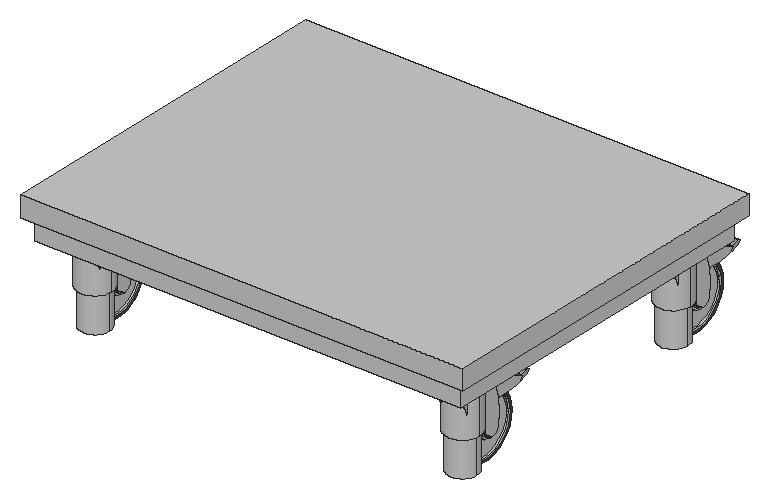
Revit family "QF_BOURGEAT_Self_base_presentoir_simple_h240", category Equipement spécialisé, Revit 2015
Parameters
  roues = yes
  pieds = yes
  URL catalogue = "http://www.bourgeat.fr"
  Type article = ""
  Spécification du Fabricant = "OASIS"
  Profondeur hors tout = 690 mm
  Modèle = "854081"
  Longueur hors tout = 855 mm
  Hauteur hors tout = 240 mm
  Fabricant = "BOURGEAT"
  Contact SAV = "0033(0)4.76.32.14.44"
Reference planes
  plane 1 "Centre (avant/arrière)": y = 0
  plane 2: z = 0
  plane 3 "Centre (gauche/droite)": x = 0
  plane 4: y = 345
  plane 5: y = -345
  plane 6: x = 427.5
  plane 7: x = -427.5
  plane 8: x = -411.5
  plane 9: y = -329
  plane 10: x = 411.5
  plane 11: y = 329
  plane 12: z = 160
  plane 13: z = 201
  plane 14: z = 240
  plane 15: x = -355.2
  plane 16: x = 355.2
  plane 17: y = 255
  plane 18: y = -255
Forms (mm)
  Extrusion 1, solid, material "Acier inoxydable, brossé"
    sketch origin (0, 0, 0) x (1, 0, 0) y (0, 1, 0)
      loop
        line (-427.5, 345) -> (-427.5, -345) -> (427.5, -345) -> (427.5, 345) -> (-427.5, 345)
    from 201 to 240
  Extrusion 2, solid, material "Acier inoxydable, brossé"
    sketch origin (0, 0, 0) x (1, 0, 0) y (0, 1, 0)
      loop
        line (-411.5, 329) -> (-411.5, -329) -> (411.5, -329) -> (411.5, 329) -> (-411.5, 329)
    from 160 to 201
Dimensions and locks
  plane 17 to plane 18 = 510 mm
  aligned and locked: level to plane 2
  aligned and locked: Extrusion 1 sketch curve to plane 4
  aligned and locked: Extrusion 1 sketch curve to plane 7
  aligned and locked: Extrusion 1 sketch curve to plane 5
  aligned and locked: Extrusion 1 sketch curve to plane 6
  aligned and locked: plane 14 to Extrusion 1
  aligned and locked: Extrusion 1 to plane 13
  aligned and locked: Extrusion 2 sketch curve to plane 11
  aligned and locked: plane 8 to Extrusion 2 sketch curve
  aligned and locked: plane 9 to Extrusion 2 sketch curve
  aligned and locked: Extrusion 2 sketch curve to plane 10
  aligned and locked: Extrusion 2 to Extrusion 1
  aligned and locked: Extrusion 2 to plane 12
  aligned and locked: nested 5 to plane 17
  aligned and locked: nested 8 to plane 17
  aligned and locked: nested 8 to plane 16
  aligned and locked: plane 15 to nested 5
  aligned and locked: nested 6 to plane 18
  aligned and locked: plane 15 to nested 6
  aligned and locked: nested 7 to plane 16
  aligned and locked: nested 7 to plane 18
Nested families
  nested 1: "pied" at (-355.2, 255, 0), visible <- "pieds", type "pied"
  nested 2: "pied" at (355.2, 255, 0), visible <- "pieds", type "pied"
  nested 3: "pied" at (355.2, -255, 0), visible <- "pieds", type "pied"
  nested 4: "pied" at (-355.2, -255, 0), visible <- "pieds", type "pied"
  nested 5: "roue_ht160" at (-355.2, 255, 0), visible <- "roues", type "roue_ht160"
    with Sans frein yes, Avec frein yes
  nested 6: "roue_ht160" at (-355.2, -255, 0), visible <- "roues", type "roue_ht160"
    with Sans frein yes, Avec frein yes
  nested 7: "roue_ht160" at (355.2, -255, 0), visible <- "roues", type "roue_ht160"
    with Sans frein yes, Avec frein yes
  nested 8: "roue_ht160" at (355.2, 255, 0), visible <- "roues", type "roue_ht160"
    with Sans frein yes, Avec frein yes
Definition of nested family "pied"
  Reference planes
    plane 1 "Centre (avant/arrière)": y = 0
    plane 2: z = 0
    plane 3 "Centre (gauche/droite)": x = 0
  Forms (mm)
    Revolve 1, solid
      sketch origin (0, 0, 0) x (1, 0, 0) y (0, 0, 1)
        loop
          line (0, 160) -> (-33, 160) -> (-33, 70) -> (-28, 70) -> (-28, 0) -> (0, 0) -> (0, 160)
        axis (0, 160) -> (0, 0)
      angle from 0 to 360
  Dimensions and locks
    plane 3 "Centre (gauche/droite)" to Revolve 1 sketch curve = 28 mm
    Revolve 1 sketch curve to plane 3 "Centre (gauche/droite)" = 33 mm
    Revolve 1 sketch curve to plane 2 = 70 mm
    Revolve 1 sketch curve to Revolve 1 sketch curve = 90 mm
    aligned and locked: level to plane 2
Definition of nested family "roue_ht160"
  Parameters (values of type "roue_ht160")
    Sans frein [instance] = yes
    Avec frein [instance] = yes
  Reference planes
    plane 1 "Centre (avant/arrière)": y = 0
    plane 2: z = 0
    plane 3 "Centre (gauche/droite)": x = 0
    plane 4: y = 40.851
    plane 5: z = 62.5
  Forms (mm)
    Extrusion 1, solid
      sketch origin (0, 0, 0) x (0, 1, 0) y (0, 0, 1)
        loop
          circle (40.851, 62.5) r 62.5
        loop
          circle (40.851, 62.5) r 57.5
      from -12.5 to 12.5
    Revolve 2, solid
      sketch origin (0, 0, 0) x (0, 1, 0) y (0, 0, 1)
        loop
          line (0, 160.21) -> (-20.149, 160.21) -> (-20.149, 159.41) -> (-21.6, 159.41)
          arc (-21.6, 159.41) -> (-24.448, 158.65) -> (-26.537, 156.572) r 5.712
          line (-26.537, 156.572) -> (-30.146, 147.743) -> (-26.999, 147.062) -> (-26.999, 146.112)
          arc (-26.999, 146.112) -> (-27.23, 145.314) -> (-27.849, 144.761) r 1.5
          arc (-27.849, 144.761) -> (-29.223, 143.633) -> (-29.923, 142) r 3.75
          line (-29.923, 142) -> (0, 142) -> (0, 160.21)
        axis (0, 160.21) -> (0, 142)
      angle from 0 to 360
    Extrusion 3, solid
      sketch origin (0, 0, 0) x (0, 1, 0) y (0, 0, -1)
        loop
          line (-29.974, -138.241) -> (-29.974, -142) -> (21.747, -142) -> (21.747, -60.336)
          arc (21.747, -60.336) -> (10.272, -70.702) -> (-0.149, -82.127) r 160.057
          arc (-0.149, -82.127) -> (-17.883, -108.684) -> (-29.974, -138.241) r 159.585
      from -24.913 to -23.038
    Extrusion 4, solid
      sketch origin (0, 0, 0) x (0, 1, 0) y (0, 0, 1)
        loop
          line (-29.974, 142) -> (-29.974, 140.869) -> (21.747, 140.869) -> (21.747, 142) -> (-29.974, 142)
      from -23.038 to 23.038
    Extrusion 5, solid
      sketch origin (0, 0, 0) x (0, 1, 0) y (0, 0, 1)
        loop
          circle (40.851, 62.5) r 57.5
        loop
          circle (40.851, 62.5) r 55
      from -12.5 to 12.5
    Extrusion 6, solid
      sketch origin (0, 0, 0) x (0, 1, 0) y (0, 0, 1)
        loop
          circle (40.851, 62.5) r 55
      from -7 to 7
    Extrusion 7, solid
      sketch origin (0, 0, 0) x (0, 1, 0) y (0, 0, 1)
        loop
          circle (40.851, 62.5) r 21
      from 7 to 15
    Extrusion 8, solid
      sketch origin (0, 0, 0) x (0, 1, 0) y (0, 0, -1)
        loop
          circle (40.851, -62.5) r 16
      from -23.038 to -15
    Extrusion 9, solid, visible <- "Sans frein"
      sketch origin (0, 0, 0) x (0, 1, 0) y (0, 0, 1)
        loop
          arc (21.747, 60.336) -> (23.188, 59.17) -> (24.642, 58.02) r 161.23
          arc (24.642, 58.02) -> (29.34, 54.513) -> (34.187, 51.216) r 133.333
          arc (34.187, 51.216) -> (46.517, 50.3) -> (53.927, 60.198) r 12.867
          arc (53.927, 60.198) -> (54.714, 99.183) -> (46.119, 137.216) r 161.222
          arc (46.119, 137.216) -> (45.679, 138.887) -> (45.531, 140.609) r 10.076
          line (45.531, 140.609) -> (45.531, 142) -> (21.747, 142) -> (21.747, 60.336)
      from 23.038 to 24.913
    Extrusion 10, solid, visible <- "Sans frein"
      sketch origin (0, 0, 0) x (0, 1, 0) y (0, 0, 1)
        loop
          line (21.747, 142) -> (21.747, 140.701) -> (48.851, 140.701) -> (48.851, 142) -> (21.747, 142)
      from -23.038 to 23.038
    Extrusion 11, solid, visible <- "Avec frein"
      sketch origin (0, 0, 0) x (0, 1, 0) y (0, 0, 1)
        loop
          line (21.747, 142) -> (21.747, 60.336)
          arc (21.747, 60.336) -> (23.177, 59.179) -> (24.62, 58.038) r 160.008
          arc (24.62, 58.038) -> (29.041, 54.705) -> (33.574, 51.527) r 160
          arc (33.574, 51.527) -> (46.135, 50.422) -> (53.724, 60.491) r 13
          arc (53.724, 60.491) -> (55.279, 82.092) -> (53.902, 103.704) r 160
          arc (53.902, 103.704) -> (55.53, 108.653) -> (60.415, 110.463) r 6
          arc (60.415, 110.463) -> (80.625, 109.924) -> (100.725, 112.107) r 150
          arc (100.725, 112.107) -> (104.408, 113.406) -> (107.479, 115.819) r 12
          line (107.479, 115.819) -> (110.851, 121.523)
          arc (110.851, 121.523) -> (85.913, 134.651) -> (58.706, 142) r 127.902
          line (58.706, 142) -> (21.747, 142)
      from 23.038 to 24.913
    Extrusion 12, solid, visible <- "Avec frein"
      sketch origin (0, 0, 0) x (0, 1, 0) y (0, 0, 1)
        loop
          line (58.706, 142) -> (21.747, 142) -> (21.747, 140) -> (58.552, 140)
          arc (58.552, 140) -> (85.253, 132.762) -> (109.73, 119.866) r 125.902
          line (109.73, 119.866) -> (110.851, 121.523)
          arc (110.851, 121.523) -> (85.913, 134.651) -> (58.706, 142) r 127.902
      from -23.038 to 23.038
    Extrusion 13, solid, visible <- "Avec frein"
      sketch origin (0, 19.896, 18.175) x (0, 1, 0) y (0, 0, 1)
        loop
          line (87.583, 97.644) -> (91.829, 95.227)
          arc (91.829, 95.227) -> (93.8, 95.006) -> (95.312, 96.29) r 2.5
          arc (95.312, 96.29) -> (103.495, 100.002) -> (111.176, 104.666) r 74.999
          line (111.176, 104.666) -> (110.852, 105.929)
          arc (110.852, 105.929) -> (110.04, 107.086) -> (108.666, 107.417) r 2
          arc (108.666, 107.417) -> (101.396, 105.849) -> (94.512, 103.034) r 42.354
          line (94.512, 103.034) -> (93.479, 101.228) -> (93.285, 100.414) -> (91.69, 101.675) -> (90.401, 102.412) -> (87.583, 97.644)
      from -23.038 to 23.038
    Extrusion 14, solid, not visible
      sketch origin (0, 0, 0) x (0, 1, 0) y (0, 0, -1)
        loop
          line (-29.974, -138.241) -> (-29.974, -142) -> (21.747, -142) -> (21.747, -60.336)
          arc (21.747, -60.336) -> (10.272, -70.702) -> (-0.149, -82.127) r 160.057
          arc (-0.149, -82.127) -> (-17.883, -108.684) -> (-29.974, -138.241) r 159.585
      from -24.913 to -23.038
    Extrusion 15, solid, not visible
      sketch origin (0, 0, 0) x (0, 1, 0) y (0, 0, 1)
        loop
          circle (40.851, 62.5) r 21
      from 7 to 15
    Extrusion 16, solid, not visible
      sketch origin (0, 0, 0) x (0, 1, 0) y (0, 0, -1)
        loop
          circle (40.851, -62.5) r 16
      from -23.038 to -15
    Extrusion 17, solid, visible <- "Sans frein", not visible
      sketch origin (0, 0, 0) x (0, 1, 0) y (0, 0, 1)
        loop
          arc (21.747, 60.336) -> (23.188, 59.17) -> (24.642, 58.02) r 161.23
          arc (24.642, 58.02) -> (29.34, 54.513) -> (34.187, 51.216) r 133.333
          arc (34.187, 51.216) -> (46.517, 50.3) -> (53.927, 60.198) r 12.867
          arc (53.927, 60.198) -> (54.714, 99.183) -> (46.119, 137.216) r 161.222
          arc (46.119, 137.216) -> (45.679, 138.887) -> (45.531, 140.609) r 10.076
          line (45.531, 140.609) -> (45.531, 142) -> (21.747, 142) -> (21.747, 60.336)
      from 23.038 to 24.913
    Extrusion 18, solid, visible <- "Avec frein", not visible
      sketch origin (0, 0, 0) x (0, 1, 0) y (0, 0, 1)
        loop
          line (21.747, 142) -> (21.747, 60.336)
          arc (21.747, 60.336) -> (23.177, 59.179) -> (24.62, 58.038) r 160.008
          arc (24.62, 58.038) -> (29.041, 54.705) -> (33.574, 51.527) r 160
          arc (33.574, 51.527) -> (46.135, 50.422) -> (53.724, 60.491) r 13
          arc (53.724, 60.491) -> (55.279, 82.092) -> (53.902, 103.704) r 160
          arc (53.902, 103.704) -> (55.53, 108.653) -> (60.415, 110.463) r 6
          arc (60.415, 110.463) -> (80.625, 109.924) -> (100.725, 112.107) r 150
          arc (100.725, 112.107) -> (104.408, 113.406) -> (107.479, 115.819) r 12
          line (107.479, 115.819) -> (110.851, 121.523)
          arc (110.851, 121.523) -> (85.913, 134.651) -> (58.706, 142) r 127.902
          line (58.706, 142) -> (21.747, 142)
      from 23.038 to 24.913
    Extrusion 19, solid
      sketch origin (0, 0, 0) x (0, -1, 0) y (0, 0, -1)
        loop
          arc (29.974, -138.241) -> (17.883, -108.684) -> (0.149, -82.127) r 159.585
          arc (0.149, -82.127) -> (-10.272, -70.702) -> (-21.747, -60.336) r 160.057
          line (-21.747, -60.336) -> (-21.747, -142) -> (29.974, -142) -> (29.974, -138.241)
      from -24.913 to -23.038
    Extrusion 20, solid
      sketch origin (0, 0, 0) x (0, -1, 0) y (0, 0, 1)
        loop
          circle (-40.851, 62.5) r 21
      from 7 to 15
    Extrusion 21, solid
      sketch origin (0, 0, 0) x (0, -1, 0) y (0, 0, -1)
        loop
          circle (-40.851, -62.5) r 16
      from -23.038 to -15
    Extrusion 22, solid, visible <- "Sans frein"
      sketch origin (0, 0, 0) x (0, -1, 0) y (0, 0, 1)
        loop
          line (-21.747, 60.336) -> (-21.747, 142) -> (-45.531, 142) -> (-45.531, 140.609)
          arc (-45.531, 140.609) -> (-45.679, 138.887) -> (-46.119, 137.216) r 10.076
          arc (-46.119, 137.216) -> (-54.714, 99.183) -> (-53.927, 60.198) r 161.222
          arc (-53.927, 60.198) -> (-46.517, 50.3) -> (-34.187, 51.216) r 12.867
          arc (-34.187, 51.216) -> (-29.34, 54.513) -> (-24.642, 58.02) r 133.333
          arc (-24.642, 58.02) -> (-23.188, 59.17) -> (-21.747, 60.336) r 161.23
      from 23.038 to 24.913
    Extrusion 23, solid, visible <- "Avec frein"
      sketch origin (0, 0, 0) x (0, -1, 0) y (0, 0, 1)
        loop
          line (-21.747, 142) -> (-58.706, 142)
          arc (-58.706, 142) -> (-85.913, 134.651) -> (-110.851, 121.523) r 127.902
          line (-110.851, 121.523) -> (-107.479, 115.819)
          arc (-107.479, 115.819) -> (-104.408, 113.406) -> (-100.725, 112.107) r 12
          arc (-100.725, 112.107) -> (-80.625, 109.924) -> (-60.415, 110.463) r 150
          arc (-60.415, 110.463) -> (-55.53, 108.653) -> (-53.902, 103.704) r 6
          arc (-53.902, 103.704) -> (-55.279, 82.092) -> (-53.724, 60.491) r 160
          arc (-53.724, 60.491) -> (-46.135, 50.422) -> (-33.574, 51.527) r 13
          arc (-33.574, 51.527) -> (-29.041, 54.705) -> (-24.62, 58.038) r 160
          arc (-24.62, 58.038) -> (-23.177, 59.179) -> (-21.747, 60.336) r 160.008
          line (-21.747, 60.336) -> (-21.747, 142)
      from 23.038 to 24.913
  Dimensions and locks
    aligned and locked: level to plane 2
